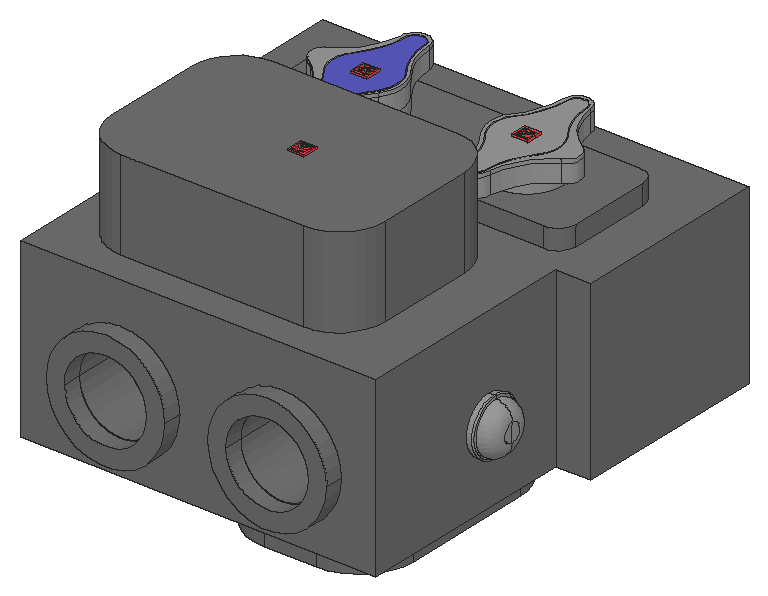
Revit family "HerzCon-Direktanschluss für FanCoils 90mm", category Rohrzubehör, Revit 2020 (continued)
Definition of nested family "Flügelgriff rot (seite)"
  Forms (mm)
    Extrusion 4, void
      sketch origin (0, 0, 0) x (1, 0, 0) y (0, 1, 0)
        loop
          arc (22.401, 17.336) -> (23.744, 16.174) -> (23.633, 14.401) r 2
          line (23.633, 14.401) -> (18.5, 5.5) -> (18.5, -5.5)
      from 5 to -5
  Cuts and joins
    Extrusion 3, Extrusion 4 cuts Extrusion 2
    Extrusion 4 cuts Revolve 1
  Dimensions and locks
    aligned and locked: level to plane 2
Definition of nested family "Herz-Logo"
  Parameters (values of type "Herz-Logo")
    Default Elevation = 0.00 mm
  Reference planes
    plane 1 "Mitte (Vorne/hinten)": y = 0
    plane 2: z = 0
    plane 3 "Mitte (Links/rechts)": x = 0
  Forms (mm)
    Extrusion 1, solid
      sketch origin (0, 0, 0) x (1, 0, 0) y (0, 1, 0)
        loop
          line (-0.018, -4.517) -> (4.482, -4.517) -> (4.482, 4.483) -> (-4.518, 4.483) -> (-4.518, -4.517) -> (-0.018, -4.517)
        loop
          line (-0.05, -3.48) -> (3.482, -3.48) -> (3.482, 3.483) -> (-3.518, 3.483) -> (-3.518, -3.48) -> (-0.05, -3.48)
        loop
          arc (-0.018, 2.383) -> (-1.543, 3.287) -> (-3.067, 2.383) r 1.738
          arc (-3.067, 2.383) -> (-3.191, 1.899) -> (-3.067, 1.415) r 1.009
          line (-3.067, 1.415) -> (-0.018, -3.281) -> (3.032, 1.415)
          arc (3.032, 1.415) -> (3.156, 1.899) -> (3.032, 2.383) r 1.009
          arc (3.032, 2.383) -> (1.507, 3.287) -> (-0.018, 2.383) r 1.738
        loop
          arc (1.885, 1.272) -> (2.005, 1.675) -> (1.885, 2.079) r 0.74
          arc (1.885, 2.079) -> (1.265, 2.416) -> (0.644, 2.079) r 0.74
          line (0.644, 2.079) -> (-0.018, 0.97) -> (-0.679, 2.079)
          arc (-0.679, 2.079) -> (-1.3, 2.416) -> (-1.921, 2.079) r 0.74
          arc (-1.921, 2.079) -> (-2.04, 1.675) -> (-1.921, 1.272) r 0.74
          line (-1.921, 1.272) -> (-0.018, -1.658) -> (1.885, 1.272)
      from 0 to 1.5
  Dimensions and locks
    aligned and locked: level to plane 2
